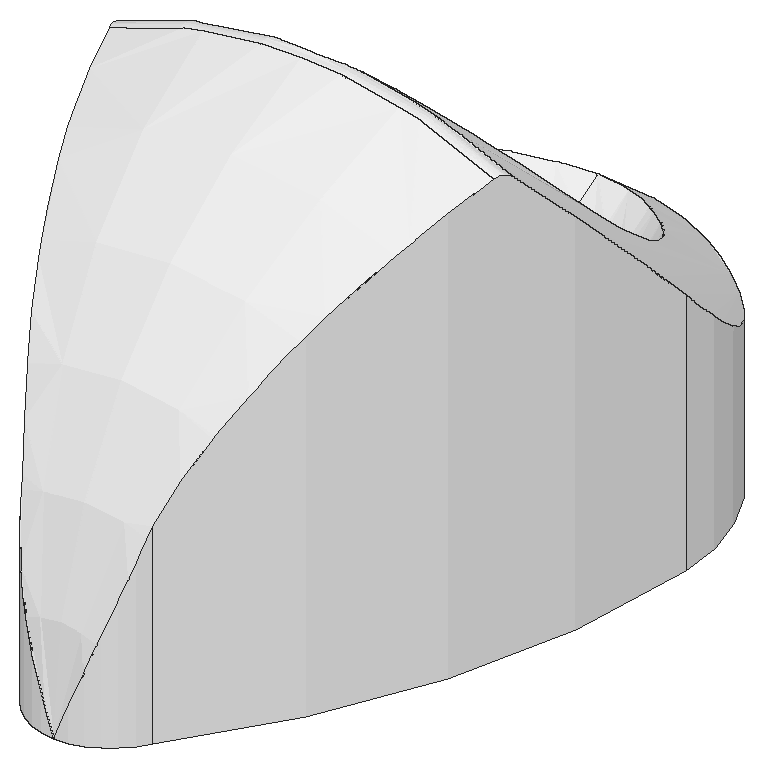
Revit family "Urinals-Commercial_UT104E_TOTO", category Plumbing Fixtures, host Face, Revit 2013
Parameters
  ecoScorecard_data = " "
  ecoScorecard Product Page = "  "
  Width = 1' - 1"
  Waste Connection NPT Radius = 0' - 1"
  Waste Connection = yes
  Warranty URL = "http://www.totousa.com/warranty-registration"
  Warranty = "One Year Limited Warranty"  # constant formula
  WFU = 0
  Vent Connection = yes
  URL = "http://www.totousa.com"
  Toto BIM Number = "BM-00026"  # constant formula
  Subcategory = "Urinals"  # constant formula
  Style = "Commercial"  # constant formula
  Spec Sheet URL = "http://assets.totousa.com/product-files/SS-00258_UT104E_UT104EV.pdf"
  Shipping Weight = 34.50 lbf
  Sanitary Connector = "Sanitary Connection"  # constant formula
  Product Page URL = " "
  Parts Manual URL = " "
  Mount Type = "Wall"  # constant formula
  Model = "UT104E"  # constant formula
  Material = "Vitreous China"  # constant formula
  Manufacturer Toll Free Phone = "1-888-295-8134"  # constant formula
  Manufacturer Phone = "(770) 282-8686"  # constant formula
  Manufacturer Fax = "(770) 282-0002"  # constant formula
  Manufacturer Email = "mailto:custservice@totousa.com "
  Manufacturer Address = "1155 Southern Road, Morrow, Georgia 30260"  # constant formula
  Manufacturer = "TOTO USA, Inc."  # constant formula
  Installation URL = " "
  Industry Standards = "Meets and exceeds ASME A112.19.2/CSA B45.1"  # constant formula
  Height = 1' - 9 3/4"
  HWFU = 0
  HW Connection = no
  Gallons Per Flush = 0.5 gal
  Flush Valve Model = Flush Valve Model : TEU1LN12
  Finish = Vitreous China - TOTO - 01 Cotton
  Description = "Commercial Washout High Efficiency Urinal, 0.5 GPF - ADA"  # constant formula
  Depth = 1' - 2"
  Default Elevation = 1' - 11.37402"
  Cost Info = "mailto:custservice@totousa.com "
  Color Availability = "#01 Cotton, #03 Bone, #12 Sedona Beige"  # constant formula
  Cold Water Connector = "Cold Water Connection"  # constant formula
  Cold Water Connection Radius = 0' - 0 1/4"
  Cold Water Connection NPT Radius = "3/8\""
  Cold Water Connection Diameter = Cold Water Connection Radius * 2  # 0' - 0 1/2"
  Code Compliance = "UPC, IPC, NSPC, NPC Canada, and others"  # constant formula
  Certifications = "IAPMO(cUPC), State of Massachusetts, City of Los Angeles"  # constant formula
  CWFU = 0
  CW Connection = yes
  CAD Drawing URL = "http://assets.totousa.com/product-files/AD-00273_UT104.dxf"
  Available in SanoGloss = no
  Assembly Code = "D2010210"
  ADA Compliant = yes
  95 CSI = "15410"  # constant formula
  04 CSI = "22 42 13"  # constant formula
Reference planes (in)
  plane 1 "Center (Front/Back)": y = 0
  plane 2: z = 0
  plane 3 "Center (Left/Right)": x = 0
  plane 4: z = 14
  plane 5: y = 10.875
  plane 6: x = -6.5
  plane 7: y = -10.875
  plane 8: x = 6.5
Dimensions and locks (in)
  equal spacing: plane 6, plane 3 "Center (Left/Right)", plane 8
  "Width": plane 6 to plane 8
  equal spacing: plane 5, plane 1 "Center (Front/Back)", plane 7
  "Height": plane 5 to plane 7
  "Depth": plane 4 to plane 2
  aligned and locked: plane 2 to host face
  aligned and locked: level to host face
  aligned and locked: nested 1 to plane 7
Automatic sketch dimensions
  host sketch curve to host sketch curve = 8' - 0"  (x2)
Nested families (in)
  nested 1: "UT104E" at (0, -1.66831, 0), type "UT104E"
Connectors (in)
  piping at (0, -6.25, -0.25), driven by "Waste Connection NPT Radius", driven by "Sanitary Connector", driven by "Waste Connection", driven by "Waste Connection", driven by "WFU"
    settings: on nested 1, index 1, connector radius 1", flow factor 0, pipe flow 0 GPM, pressure drop 0.00 psi, fitting loss kfactor 0, connector angle 0.00°, fixture units 0, engagement length 0' - 0", flow configuration 3, flow direction 1, fitting loss method 0, system type 16, joint type 0, gender type 0, connector reference index -1, connector utility 1, adjustable connector yes, is connector primary yes, fitting loss table "", connector description "Sanitary Connection"
  piping at (0, 11.16714, 3), driven by "Cold Water Connection Radius", driven by "CW Connection", driven by "Cold Water Connector", driven by "CWFU", driven by "CW Connection"
    settings: on nested 1, index 2, connector radius 1/4", flow factor 0, pipe flow 0 GPM, pressure drop 0.00 psi, fitting loss kfactor 0, connector angle 0.00°, fixture units 0, engagement length 0' - 0", flow configuration 3, flow direction 1, fitting loss method 0, system type 20, joint type 0, gender type 0, connector reference index -1, connector utility 1, adjustable connector yes, is connector primary no, fitting loss table "", connector description "Cold Water Connection"
Definition of nested family "UT104E"
  Parameters (values of type "UT104E")
    Width = 1' - 1"
    Waste Connection = yes
    WFU = 0
    Vent Connection = yes
    URL = ""
    Model = ""
    Material = Vitreous China - TOTO - 01 Cotton
    Manufacturer = ""
    Height = 1' - 9 3/4"
    HWFU = 0
    HW Connection = no
    Description = ""
    Depth = 1' - 2"
    Default Elevation = 1' - 11.37402"
    CWFU = 0
    CW Connection = yes
    Assembly Code = ""
  Reference planes (in)
    plane 1 "Center (Front/Back)": y = 0
    plane 2: z = 0
    plane 3 "Center (Left/Right)": x = 0
    plane 4: z = 3
    plane 5: y = 23.75
    plane 6: x = 4.75
    plane 7: x = 0
    plane 8: y = 12.25
    plane 9: y = -9.20669
    plane 10: z = 14
    plane 11: y = 11.20717
    plane 12: z = -4.48927
    plane 13: y = 1.09294
    plane 14: y = -7.29376
    plane 15: x = -4.9375
    plane 16: x = 4.9375
    plane 17: y = 20.25
    plane 18: y = 27.25
    plane 19: z = 5
    plane 20: y = -4.58169
    plane 21: x = -6.41732
    plane 22: x = 6.41732
  Forms (in)
    Extrusion 1, solid
      sketch origin (0, 0, 0) x (1, 0, 0) y (0, 1, 0)
        loop
          line (-48, 48) -> (-48, -48) -> (48, -48) -> (48, 48) -> (-48, 48)
      from 0 to -12
    Revolve 2, solid, material "Vitreous China - TOTO - 01 Cotton" <- "Material", detail levels fine
      sketch origin (0, 0, 0) x (0, 1, 0) y (0, 0, 1)
        loop
          line (12.25, 0) -> (12.25, 5) -> (0.39549, 13.904)
          arc (0.39549, 13.904) -> (0.15592, 13.99261) -> (-0.09635, 13.95246) r 0.50428
          arc (-0.09635, 13.95246) -> (-6.72743, 8.33171) -> (-9.20669, 0) r 15.23924
          line (-9.20669, 0) -> (12.25, 0)
        axis (12.25, 0) -> (-9.20669, 0)
      angle from -90 to 90
    Extrusion 3, void
      sketch origin (0, 0, 0) x (1, 0, 0) y (0, 1, 0)
        loop
          line (-14.53444, 15.91805) -> (-14.53444, -13.83195) -> (14.53444, -13.83195) -> (14.53444, 15.91805) -> (-14.53444, 15.91805)
        loop
          arc (-1.91247, -7.95783) -> (-0.00623, -9.20669) -> (1.90587, -7.96682) r 2.08677
          arc (1.90587, -7.96682) -> (5.2939, -1.34916) -> (6.41732, 6) r 23.2254
          arc (6.41732, 6) -> (4.50932, 10.45414) -> (0, 12.22781) r 6.28609
          arc (0, 12.22781) -> (-4.50932, 10.45414) -> (-6.41732, 6) r 6.28609
          arc (-6.41732, 6) -> (-5.29561, -1.34385) -> (-1.91247, -7.95783) r 23.2254
      from 0 to 15.97289
    Blend 4, void
      base sketch origin (0, -7.21633, 0.90684) x (1, 0, 0) y (0, 0.838671, -0.544639)
        loop
          spline (0, -0.09233) -> (1.27093, 0.07804) -> (2.45524, 0.57754) -> (3.47224, 1.37213) -> (4.25261, 2.40767) -> (4.74317, 3.61357) -> (4.91049, 4.90767) -> (4.74317, 6.20176) -> (4.25261, 7.40767) -> (3.47224, 8.4432) -> (2.45524, 9.23779) -> (1.27093, 9.7373) -> (0, 9.90767)
          spline (0, 9.90767) -> (-1.27093, 9.7373) -> (-2.45524, 9.23779) -> (-3.47224, 8.4432) -> (-4.25261, 7.40767) -> (-4.74317, 6.20176) -> (-4.91049, 4.90767) -> (-4.74317, 3.61357) -> (-4.25261, 2.40767) -> (-3.47224, 1.37213) -> (-2.45524, 0.57754) -> (-1.27093, 0.07804) -> (0, -0.09233)
      top sketch origin (0, -7.21633, 0.90684) x (1, 0, 0) y (0, 0.838671, -0.544639)
        loop
          spline (0, -1) -> (1.3588, -0.76148) -> (2.625, -0.06218) -> (3.71231, 1.05025) -> (4.54663, 2.5) -> (5.07111, 4.18827) -> (5.25, 6) -> (5.07111, 7.81173) -> (4.54663, 9.5) -> (3.71231, 10.94975) -> (2.625, 12.06218) -> (1.3588, 12.76148) -> (0, 13)
          spline (0, 13) -> (-1.3588, 12.76148) -> (-2.625, 12.06218) -> (-3.71231, 10.94975) -> (-4.54663, 9.5) -> (-5.07111, 7.81173) -> (-5.25, 6) -> (-5.07111, 4.18827) -> (-4.54663, 2.5) -> (-3.71231, 1.05025) -> (-2.625, -0.06218) -> (-1.3588, -0.76148) -> (0, -1)
      from 9.11665 to 15.76005
    Revolve 5, void
      sketch origin (0, 0.75, 0.25) x (0, 1, 0) y (0, 0, 1)
        loop
          line (10.28814, 2.43232) -> (-4.69233, 8.10846)
          arc (-4.69233, 8.10846) -> (-5.21935, 6.89138) -> (-5.45643, 5.58646) r 5.80608
          arc (-5.45643, 5.58646) -> (-5.41903, 5.23471) -> (-5.26574, 4.91593) r 1.03836
          arc (-5.26574, 4.91593) -> (1.99125, 0.41788) -> (10.28814, 2.43232) r 11.0533
        axis (10.28814, 2.43232) -> (-4.69233, 8.10846)
      angle from 0 to 360
    Revolve 6, solid, detail levels fine
      sketch origin (0, -20.28136, 3) x (0, 1, 0) y (-1, 0, 0)
        loop
          line (32.86681, -0.27618) -> (33.11681, -0.27618) -> (33.11681, 0) -> (32.53136, 0)
          arc (32.53136, 0) -> (32.52581, -0.26333) -> (32.50917, -0.52618) r 6.25
          line (32.50917, -0.52618) -> (32.86681, -0.52618) -> (32.86681, -0.27618)
        axis (32.50917, 0) -> (33.11681, 0)
      angle from 0 to 360
    Extrusion 7, solid, material "Vitreous China - TOTO - 01 Cotton" <- "Material", detail levels fine
      sketch origin (0, 2.375, 0) x (1, 0, 0) y (0, 1, 0)
        loop
          circle (0, -6.95669) r 1
      from 0 to -0.25
    Extrusion 8, solid, material "Vitreous China - TOTO - 01 Cotton" <- "Material", detail levels coarse+medium
      sketch origin (0, -20.28136, 3) x (0, 1, 0) y (-1, 0, 0)
        loop
          arc (26.28363, 6.66731) -> (18.36911, 5.36884) -> (11.35359, 1.48192) r 23.4754
          arc (11.35359, 1.48192) -> (10.9824, -0.84265) -> (12.82254, -2.31074) r 2.33677
          arc (12.82254, -2.31074) -> (19.39565, -5.58451) -> (26.65863, -6.66731) r 23.4754
          arc (26.65863, -6.66731) -> (32.87421, -1.96124) -> (30.16239, 5.34812) r 6.53609
          arc (30.16239, 5.34812) -> (28.32904, 6.31948) -> (26.28363, 6.66731) r 6.53609
      from -3 to 11
  Cuts and joins
    Extrusion 3, Blend 4, Revolve 5 cuts Revolve 2
  Lines and regions (in)
    symbolic lines, detail levels fine
      curve 1: arc (0, 12.22781, 3) -> (4.50932, 10.45414, 3) -> (6.41732, 6, 3) r 6.28609
      curve 2: arc (6.41732, 6, 3) -> (5.2939, -1.34916, 3) -> (1.90587, -7.96682, 3) r 23.2254
      curve 3: arc (1.90587, -7.96682, 3) -> (-0.00623, -9.20669, 3) -> (-1.91247, -7.95783, 3) r 2.08677
      curve 4: arc (-1.91247, -7.95783, 3) -> (-5.29561, -1.34385, 3) -> (-6.41732, 6, 3) r 23.2254
      curve 5: arc (-6.41732, 6, 3) -> (-4.50932, 10.45414, 3) -> (0, 12.22781, 3) r 6.28609
      curve 6: line (0.52618, 12.58544, 3) -> (-0.52618, 12.58544, 3)
      curve 7: line (0.27618, 12.83544, 3) -> (-0.27618, 12.83544, 3)
      curve 8: line (0.52618, 12.58544, 3) -> (0.52618, 12.21678, 3)
      curve 9: line (0.27618, 12.83544, 3) -> (0.27618, 12.58544, 3)
      curve 10: line (-0.27618, 12.83544, 3) -> (-0.27618, 12.58544, 3)
      curve 11: line (-0.52618, 12.58544, 3) -> (-0.52618, 12.21678, 3)
      curve 12: line (1.50393, 0.39549, 3) -> (0, 10.8833, 3)
      curve 13: line (0, 10.8833, 3) -> (-1.50393, 0.39549, 3)
      curve 14: line (-1.50393, 0.39549, 3) -> (0, 0.15742, 3)
      curve 15: line (0, 0.15742, 3) -> (1.50393, 0.39549, 3)
      curve 16: line (1.50393, 0.39549, 3) -> (5.78317, 0.39549, 3)
      curve 17: line (-5.78317, 0.39549, 3) -> (-1.50393, 0.39549, 3)
      curve 18: arc (0, 10.01245, 3) -> (1.3076, 9.68525, 3) -> (2.39876, 8.89389, 3) r 3.54761
      curve 19: arc (2.39876, 8.89389, 3) -> (3.3461, 7.72606, 3) -> (4.11949, 6.43643, 3) r 10.64923
      curve 20: arc (4.11949, 6.43643, 3) -> (4.67289, 5.00962, 3) -> (4.93317, 3.50153, 3) r 7.69961
      curve 21: arc (0, 10.01245, 3) -> (-1.3076, 9.68525, 3) -> (-2.39876, 8.89389, 3) r 3.54761
      curve 22: arc (-2.39876, 8.89389, 3) -> (-3.3461, 7.72606, 3) -> (-4.11949, 6.43643, 3) r 10.64923
      curve 23: arc (-4.11949, 6.43643, 3) -> (-4.67289, 5.00962, 3) -> (-4.93317, 3.50153, 3) r 7.69961
      curve 24: line (1.50393, 0, 13.82242) -> (0, 0, 6.02654)
      curve 25: line (0, 0, 13.99246) -> (1.50393, 0, 13.82242)
      curve 26: line (-1.50393, 0, 13.82242) -> (0, 0, 13.99246)
      curve 27: line (0, 0, 6.02654) -> (-1.50393, 0, 13.82242)
      curve 28: line (0, 0, 5.01667) -> (-6.41676, 0, 7.26618)
      curve 29: spline (-6.41676, 0, 7.26618) -> (-6.4174, 0, 7.72153) -> (-6.4083, 0, 8.17592) -> (-6.38947, 0, 8.62924) -> (-6.36091, 0, 9.08139) -> (-6.32262, 0, 9.53226) -> (-6.27462, 0, 9.98176) -> (-6.21692, 0, 10.42978) -> (-6.14952, 0, 10.87621) -> (-6.07246, 0, 11.32097) -> (-5.98573, 0, 11.76394) -> (-5.88937, 0, 12.20502) -> (-5.78339, 0, 12.64411)
      curve 30: line (5.78317, 0, 12.64421) -> (6.41732, 0, 7.26634)
      curve 31: line (6.41732, 0, 7.26634) -> (0, 0, 5.01667)
      curve 32: arc (1.50393, 0, 13.82242) -> (3.69087, 0, 13.40517) -> (5.78317, 0, 12.64421) r 13.904
      curve 33: arc (-5.78339, 0, 12.64411) -> (-3.69098, 0, 13.40514) -> (-1.50393, 0, 13.82242) r 13.904
      curve 34: arc (0, 0, 11.33634) -> (2.97397, 0, 10.29802) -> (4.79181, 0, 7.72545) r 5.16514
      curve 35: arc (0, 0, 11.33634) -> (-2.97397, 0, 10.29802) -> (-4.79181, 0, 7.72545) r 5.16514
      curve 36: arc (0.52618, 0, 3) -> (0, 0, 2.47382) -> (-0.52618, 0, 3) r 0.52618
      curve 37: arc (0.27618, 0, 3) -> (0, 0, 2.72382) -> (-0.27618, 0, 3) r 0.27618
      curve 38: arc (-0.52618, 0, 3) -> (0, 0, 3.52618) -> (0.52618, 0, 3) r 0.52618
      curve 39: arc (-0.27618, 0, 3) -> (0, 0, 3.27618) -> (0.27618, 0, 3) r 0.27618
      curve 40: line (-6.41827, 0, 0) -> (6.41827, 0, 0)
      curve 41: line (6.41827, 0, 0) -> (6.41827, 0, 7.25)
      curve 42: line (-6.41827, 0, 0) -> (-6.41827, 0, 7.25)
      curve 43: spline (0, -0.09529, 12.75379) -> (0, -0.05313, 12.76556) -> (0, -0.01012, 12.77351) -> (0, 0.03342, 12.77756) -> (0, 0.07714, 12.7777) -> (0, 0.12073, 12.77392) -> (0, 0.16386, 12.76625) -> (0, 0.20619, 12.75475) -> (0, 0.24741, 12.7395) -> (0, 0.2872, 12.72062) -> (0, 0.32527, 12.69825) -> (0, 0.36133, 12.67257) -> (0, 0.3951, 12.64376)
      curve 44: line (0, -0.09529, 12.75379) -> (0, -7.96365, 5.72596)
      curve 45: line (0, -9.20669, 0) -> (0, -7.96365, 5.72596)
      curve 46: line (0, 12.22781, 5.01667) -> (0, 12.22781, 0)
      curve 47: line (0, 12.22781, 0) -> (0, -9.20669, 0)
      curve 48: line (0, -5.58169, -0.25) -> (0, -5.58169, 0)
      curve 49: line (0, -5.58169, -0.25) -> (0, -3.58169, -0.25)
      curve 50: line (0, -3.58169, -0.25) -> (0, -3.58169, 0)
      curve 51: line (0, 0.39549, 12.64421) -> (0, 6, 7.26634)
      curve 52: line (0, 6, 7.26634) -> (0, 12.22781, 5.01667)
      curve 53: line (0, 0.39549, 13.82242) -> (0, 10.8833, 6.02654)
      curve 54: line (0, 10.8833, 6.02654) -> (0, 12.22781, 5.01667)
      curve 55: line (0, 0.39549, 13.82242) -> (0, 0.15742, 13.99246)
      curve 56: arc (0, 0.15742, 13.99246) -> (0, -0.04341, 13.97512) -> (0, -0.22601, 13.88972) r 0.57678
      curve 57: arc (0, -0.22601, 13.88972) -> (0, -1.34281, 13.32615) -> (0, -2.41256, 12.6777) r 16.12593
      curve 58: arc (0, -2.41256, 12.6777) -> (0, -3.78742, 11.65205) -> (0, -5.03623, 10.47618) r 15.00278
      curve 59: arc (0, -5.03623, 10.47618) -> (0, -6.59171, 8.5362) -> (0, -7.80773, 6.36726) r 15.10007
      curve 60: arc (0, -7.80773, 6.36726) -> (0, -8.768, 3.59955) -> (0, -9.19063, 0.70063) r 15.50799
      curve 61: line (0, 0.39549, 13.82242) -> (0, 0.39549, 12.64421)
      curve 62: line (0, 12.58544, 3.52618) -> (0, 12.22781, 3.52618)
      curve 63: line (0, 12.58544, 3.52618) -> (0, 12.58544, 2.47382)
      curve 64: line (0, 12.58544, 2.47382) -> (0, 12.22781, 2.47382)
      curve 65: line (0, 12.83544, 3.27618) -> (0, 12.58544, 3.27618)
      curve 66: line (0, 12.83544, 3.27618) -> (0, 12.83544, 2.72382)
      curve 67: line (0, 12.83544, 2.72382) -> (0, 12.58544, 2.72382)
      curve 68: line (0, -7.96365, 5.72596) -> (0, -7.96365, 0)
    symbolic lines, detail levels coarse+medium
      curve 69: arc (6.66731, 6.37726, 3) -> (1.96124, 12.59285, 3) -> (-5.34812, 9.88102, 3) r 6.53609
      curve 70: arc (-5.34812, 9.88102, 3) -> (-6.31948, 8.04768, 3) -> (-6.66731, 6.00226, 3) r 6.53609
      curve 71: arc (-6.66731, 6.00226, 3) -> (-5.36884, -1.91226, 3) -> (-1.48192, -8.92777, 3) r 23.4754
      curve 72: arc (-1.48192, -8.92777, 3) -> (0.84265, -9.29896, 3) -> (2.31074, -7.45882, 3) r 2.33677
      curve 73: arc (2.31074, -7.45882, 3) -> (5.58451, -0.88571, 3) -> (6.66731, 6.37726, 3) r 23.4754
      curve 74: line (0, 12.85419, 14) -> (0, -9.45669, 14)
      curve 75: line (0, 12.85419, -0.25) -> (0, 12.85419, 14)
      curve 76: line (0, -9.45669, -0.25) -> (0, 12.85419, -0.25)
      curve 77: line (0, -9.45669, 14) -> (0, -9.45669, -0.25)
      curve 78: line (-6.66827, 0, 14) -> (6.66827, 0, 14)
      curve 79: line (-6.66827, 0, 0) -> (-6.66827, 0, 14)
      curve 80: line (6.66827, 0, 0) -> (-6.66827, 0, 0)
      curve 81: line (6.66827, 0, 14) -> (6.66827, 0, 0)
  Dimensions and locks (in)
    locked: plane 3 "Center (Left/Right)" to plane 6 at 4.75
    plane 4 to level = 0' - 3"
    locked: plane 6 to plane 3 "Center (Left/Right)" at 4.75
    Blend 4 sketch curve to Blend 4 sketch curve = 0' - 5 1/4"  (x2)
    Blend 4 sketch curve to Blend 4 sketch curve = 0' - 7"
    locked: plane 12 to cut or joined group of Revolve 2, Extrusion 3, Blend 4, Revolve 5 at 4.48927
    locked: Blend 4 sketch curve to Blend 4 sketch curve at 5
    locked: Blend 4 sketch curve to Blend 4 sketch curve at 4.91049
    locked: Extrusion 3 to plane 3 "Center (Left/Right)" at 14.53444
    locked: plane 14 to Blend 4 sketch curve at 4.19335
    locked: Revolve 2 sketch curve to plane 9 at 0
    locked: plane 15 to plane 16 at 9.875
    locked: plane 5 to plane 8 at 11.5
    locked: plane 10 to plane 2 at 14
    locked: Revolve 6 sketch curve to plane 17 at 7.66456  (x2)
    locked: plane 11 to Revolve 5 sketch curve at 0.16903
    Revolve 5 sketch curve to plane 2 = 0' - 5.83646"
    locked: Blend 4 sketch curve to plane 12 at 2.7232
    locked: plane 3 "Center (Left/Right)" to Blend 4 sketch curve at 0  (x2)
    locked: plane 4 to Blend 4 sketch curve at 5.361
    locked: plane 1 "Center (Front/Back)" to plane 18 at 27.25
    locked: plane 1 "Center (Front/Back)" to plane 17 at 20.25
    locked: plane 10 to plane 19 at 9
    Extrusion 7 to Extrusion 7 = 0' - 0 1/4"
    locked: plane 20 to Extrusion 7 sketch curve at 0
    locked: plane 3 "Center (Left/Right)" to Extrusion 7 sketch curve at 0
    plane 9 to plane 20 = 0' - 4 5/8"
    locked: plane 21 to plane 22 at 12.83465
    equal spacing: plane 21, plane 3 "Center (Left/Right)", plane 22
    locked: plane 8 to plane 9 at 21.45669
    locked: plane 8 to Extrusion 3 sketch curve at 0.02219
    locked: Extrusion 3 sketch curve to plane 22 at 0
    locked: Extrusion 3 sketch curve to plane 16 at 3.03163
    locked: plane 15 to Extrusion 3 sketch curve at 3.02503
    locked: Extrusion 3 sketch curve to plane 21 at 0
    locked: Extrusion 3 sketch curve to plane 21 at 8.11712
    locked: Extrusion 3 sketch curve to plane 17 at 4.33195
    locked: plane 16 to Extrusion 3 sketch curve at 9.59694
    locked: plane 9 to Extrusion 3 sketch curve at 4.62526
    locked: Extrusion 3 sketch curve to plane 9 at 1.23987
    locked: Extrusion 3 sketch curve to plane 9 at 1.24886
    locked: Extrusion 7 sketch curve to Extrusion 7 sketch curve (radius 0' - 1")
    locked: Revolve 2 to Revolve 2 (angle 180.00°)
    aligned and locked: plane 2 to Extrusion 1
    aligned and locked: level to Extrusion 1
    aligned and locked: Revolve 6 sketch curve to plane 3 "Center (Left/Right)"
    aligned and locked: Revolve 2 sketch curve to plane 8
    aligned and locked: Extrusion 7 to Extrusion 1
    aligned and locked: Revolve 2 sketch curve to plane 2
    aligned and locked: Revolve 2 sketch curve to Revolve 2 sketch curve
  Automatic sketch dimensions
    Extrusion 1 sketch curve to Extrusion 1 sketch curve = 8' - 0"  (x2)
    plane 19 to Revolve 2 sketch curve = 0' - 0"
    Revolve 2 sketch curve to Revolve 2 sketch curve = 0' - 5 3/4"
    plane 1 "Center (Front/Back)" to Revolve 2 sketch curve = 0' - 0.09635"
    Revolve 2 sketch curve to Revolve 2 sketch curve = 0' - 0"
    Revolve 2 sketch curve to plane 1 "Center (Front/Back)" = 0' - 0.10647"
    Revolve 2 sketch curve to plane 10 = 0' - 0.096"
    Revolve 2 sketch curve to plane 1 "Center (Front/Back)" = 0' - 0.39549"
    plane 5 to Revolve 2 sketch curve = 0' - 1 1/2"
    Revolve 5 sketch curve to plane 19 = 0' - 0.16593"
    Revolve 5 sketch curve to Revolve 5 sketch curve = 0' - 0"  (x2)
    Revolve 5 sketch curve to Revolve 5 sketch curve = 0' - 0.19069"
    Revolve 5 sketch curve to Revolve 5 sketch curve = 0' - 1.03615"
    plane 1 "Center (Front/Back)" to Revolve 5 sketch curve = 0' - 0.65815"
    Revolve 5 sketch curve to plane 19 = 0' - 0.45787"
    Revolve 5 sketch curve to plane 10 = 0' - 2.4171"
    plane 4 to Revolve 5 sketch curve = 0' - 0.65944"
    plane 11 to Revolve 5 sketch curve = 0' - 2.74786"
    Revolve 5 sketch curve to plane 19 = 0' - 2.11408"
    Revolve 5 sketch curve to Revolve 5 sketch curve = 0' - 3.01212"
    Revolve 5 sketch curve to Revolve 5 sketch curve = 0' - 0.27205"
    Extrusion 3 sketch curve to plane 21 = 0' - 0"
    Extrusion 3 sketch curve to plane 3 "Center (Left/Right)" = 0' - 0"
    Extrusion 3 sketch curve to plane 22 = 0' - 0"
    Extrusion 3 sketch curve to Extrusion 3 sketch curve = 0' - 2.27268"  (x2)
    Extrusion 3 sketch curve to plane 3 "Center (Left/Right)" = 0' - 0.13149"
    Extrusion 3 sketch curve to plane 3 "Center (Left/Right)" = 0' - 0.00132"
    plane 3 "Center (Left/Right)" to Extrusion 3 sketch curve = 0' - 0.13149"
    Revolve 6 sketch curve to plane 3 "Center (Left/Right)" = 0' - 0"
    Revolve 6 sketch curve to plane 8 = 0' - 0"
    Revolve 6 sketch curve to plane 8 = 0' - 0.02219"
    plane 11 to Revolve 6 sketch curve = 0' - 3.45717"
    Revolve 6 sketch curve to Revolve 6 sketch curve = 0' - 1 3/4"
    Revolve 6 sketch curve to plane 1 "Center (Front/Back)" = 0' - 1 3/4"
    Revolve 6 sketch curve to Revolve 6 sketch curve = 0' - 0 1/4"
    Revolve 6 sketch curve to Revolve 6 sketch curve = 0' - 0.27618"
    curve 14 to plane 3 "Center (Left/Right)" = 0' - 0"
    curve 2 to plane 22 = 0' - 0"
    curve 4 to plane 21 = 0' - 0"
    curve 5 to plane 21 = 0' - 0"
    curve 1 to plane 22 = 0' - 0"
    curve 18 to plane 3 "Center (Left/Right)" = 0' - 0"
    curve 13 to plane 3 "Center (Left/Right)" = 0' - 0"
    curve 1 to plane 3 "Center (Left/Right)" = 0' - 0"
    plane 9 to curve 3 = 0' - 1.23987"
    plane 9 to curve 3 = 0' - 1.24886"
    curve 3 to plane 3 "Center (Left/Right)" = 0' - 0.00132"
    plane 9 to curve 3 = 0' - 2.08677"
    curve 14 to plane 1 "Center (Front/Back)" = 0' - 0.15742"
    curve 17 to plane 1 "Center (Front/Back)" = 0' - 0.39549"
    curve 15 to plane 1 "Center (Front/Back)" = 0' - 0.39549"
    plane 16 to curve 22 = 0' - 0.43974"
    curve 16 to curve 22 = 0' - 1.22242"
    plane 15 to curve 19 = 0' - 0.43974"
    curve 17 to curve 19 = 0' - 1.22242"
    curve 20 to plane 15 = 0' - 2.19066"
    curve 13 to curve 20 = 0' - 2.55705"
    plane 6 to curve 23 = 0' - 2.00316"
    curve 12 to curve 23 = 0' - 2.55705"
    curve 20 to plane 16 = 0' - 0.00433"
    curve 22 to curve 20 = 0' - 1.88362"
    curve 23 to plane 15 = 0' - 0.00433"
    curve 19 to curve 23 = 0' - 1.88362"
    plane 11 to curve 2 = 0' - 5.41743"
    plane 11 to curve 4 = 0' - 5.41743"
    curve 5 to plane 3 "Center (Left/Right)" = 0' - 0.13149"
    curve 20 to curve 5 = 0' - 2.99055"
    plane 3 "Center (Left/Right)" to curve 1 = 0' - 0.13149"
    curve 2 to curve 20 = 0' - 0.43643"
    curve 22 to curve 23 = 0' - 0"
    curve 19 to curve 20 = 0' - 0"
    plane 3 "Center (Left/Right)" to curve 21 = 0' - 0.19169"
    curve 1 to curve 21 = 0' - 0.52692"
    curve 18 to plane 3 "Center (Left/Right)" = 0' - 0.19169"
    curve 18 to curve 21 = 0' - 0"
    curve 18 to curve 19 = 0' - 0"
    plane 11 to curve 13 = 0' - 0.32387"
    curve 8 to plane 8 = 0' - 0.03322"
    curve 11 to plane 8 = 0' - 0.03322"
    plane 8 to curve 8 = 0' - 0.33544"
    curve 10 to curve 7 = 0' - 0 1/4"
    plane 3 "Center (Left/Right)" to curve 15 = 0' - 1.50393"
    plane 3 "Center (Left/Right)" to curve 7 = 0' - 0.27618"
    curve 7 to plane 3 "Center (Left/Right)" = 0' - 0.27618"
    curve 14 to plane 3 "Center (Left/Right)" = 0' - 1.50393"
    Extrusion 8 sketch curve to plane 3 "Center (Left/Right)" = 0' - 5.34812"
    plane 9 to Extrusion 8 sketch curve = 0' - 0.27892"
    plane 9 to Extrusion 8 sketch curve = 0' - 1.74787"
    Extrusion 8 sketch curve to plane 3 "Center (Left/Right)" = 0' - 0.00132"
    plane 9 to Extrusion 8 sketch curve = 0' - 2.08677"
    plane 11 to Extrusion 8 sketch curve = 0' - 5.41743"
    Extrusion 8 sketch curve to plane 3 "Center (Left/Right)" = 0' - 0.13149"
    plane 3 "Center (Left/Right)" to Extrusion 8 sketch curve = 0' - 0.13149"
    Extrusion 8 sketch curve to Extrusion 8 sketch curve = 0' - 0 3/8"
    Extrusion 8 sketch curve to plane 22 = 0' - 0 1/4"
    plane 11 to Extrusion 8 sketch curve = 0' - 4.8299"
    Extrusion 8 sketch curve to plane 21 = 0' - 0 1/4"
    Extrusion 8 sketch curve to Extrusion 8 sketch curve = 0' - 0"
    Extrusion 8 sketch curve to Extrusion 8 sketch curve = 0' - 3.87876"
    plane 18 to Extrusion 8 sketch curve = 1' - 8.87274"
    curve 3 to curve 72 = 0' - 0"  (x2)
    curve 4 to curve 71 = 0' - 0"  (x2)
    curve 5 to curve 70 = 0' - 0"  (x2)
    plane 9 to curve 71 = 0' - 0.27892"
    curve 3 to curve 73 = 0' - 0.508"
    curve 70 to plane 21 = 0' - 0 1/4"
    curve 71 to curve 70 = 0' - 0"
    curve 2 to curve 73 = 0' - 0 3/8"
    curve 69 to curve 21 = 0' - 0.15192"
    curve 73 to plane 22 = 0' - 0 1/4"
    curve 1 to curve 73 = 0' - 0.37726"
    curve 69 to curve 73 = 0' - 0"
    curve 77 to plane 10 = 0' - 0"
    curve 76 to level = 0' - 0 1/4"
    curve 45 to level = 0' - 0"
    curve 45 to plane 9 = 0' - 0"
    curve 77 to curve 45 = 0' - 0 1/4"
    plane 9 to curve 60 = 0' - 0.01606"
    plane 9 to curve 68 = 0' - 1.24304"
    curve 44 to curve 60 = 0' - 0.15592"
    curve 59 to curve 60 = 0' - 0"
    curve 49 to level = 0' - 0 1/4"
    plane 20 to curve 49 = 0' - 1"
    plane 20 to curve 59 = 0' - 0.45454"
    curve 58 to curve 59 = 0' - 0"
    curve 50 to plane 20 = 0' - 1"
    curve 58 to plane 10 = 0' - 1.3223"
    plane 1 "Center (Front/Back)" to curve 58 = 0' - 2.41256"
    curve 57 to curve 58 = 0' - 0"
    curve 57 to plane 10 = 0' - 0.11028"
    plane 1 "Center (Front/Back)" to curve 57 = 0' - 0.22601"
    plane 1 "Center (Front/Back)" to curve 44 = 0' - 0.09529"
    curve 43 to plane 1 "Center (Front/Back)" = 0' - 0.02338"
    curve 43 to plane 1 "Center (Front/Back)" = 0' - 0.05899"
    curve 56 to plane 1 "Center (Front/Back)" = 0' - 0.10587"
    curve 55 to plane 10 = 0' - 0.00754"
    curve 55 to plane 1 "Center (Front/Back)" = 0' - 0.15742"
    curve 43 to curve 43 = 0' - 0.37172"
    curve 43 to curve 61 = 0' - 0.0004"
    level to curve 58 = 0' - 0.15925"
    curve 58 to plane 1 "Center (Front/Back)" = 0' - 5.85618"
    level to curve 59 = 0' - 0.09235"
    curve 52 to plane 19 = 0' - 2.26634"
    plane 11 to curve 52 = 0' - 5.20717"
    curve 60 to level = 0' - 0.07716"
    plane 11 to curve 54 = 0' - 0.32387"
    curve 62 to plane 8 = 0' - 0.02219"
    plane 8 to curve 63 = 0' - 0.33544"
    curve 65 to curve 65 = 0' - 0 1/4"
    plane 8 to curve 76 = 0' - 0.60419"
    curve 64 to plane 4 = 0' - 0.52618"
    curve 67 to plane 4 = 0' - 0.27618"
    plane 4 to curve 65 = 0' - 0.27618"
    curve 65 to curve 62 = 0' - 0 1/4"
    curve 46 to plane 19 = 0' - 0.01667"
    curve 45 to curve 59 = 0' - 0.6413"
    curve 54 to plane 19 = 0' - 1.02654"
    curve 43 to curve 56 = 0' - 1.15875"
    curve 43 to curve 43 = 0' - 0.13322"
    curve 43 to curve 61 = 0' - 0.00045"
    curve 53 to plane 10 = 0' - 0.17758"
    curve 32 to curve 33 = 0' - 0"  (x2)
    curve 36 to curve 37 = 0' - 0"  (x2)
    curve 36 to curve 38 = 0' - 0"  (x2)
    curve 36 to curve 39 = 0' - 0"  (x2)
    curve 37 to curve 38 = 0' - 0"  (x2)
    curve 37 to curve 39 = 0' - 0"  (x2)
    curve 38 to curve 39 = 0' - 0"  (x2)
    curve 80 to level = 0' - 0"
    curve 79 to plane 10 = 0' - 0"
    curve 40 to level = 0' - 0"
    curve 38 to plane 4 = 0' - 0"
    curve 33 to level = 0' - 0"
    curve 33 to plane 3 "Center (Left/Right)" = 0' - 0"
    curve 26 to plane 3 "Center (Left/Right)" = 0' - 0"
    curve 31 to plane 3 "Center (Left/Right)" = 0' - 0"
    curve 39 to plane 3 "Center (Left/Right)" = 0' - 0"
    curve 34 to plane 3 "Center (Left/Right)" = 0' - 0"
    curve 24 to plane 3 "Center (Left/Right)" = 0' - 0"
    plane 22 to curve 31 = 0' - 0"
    curve 34 to plane 3 "Center (Left/Right)" = 0' - 0.13449"
    curve 37 to plane 3 "Center (Left/Right)" = 0' - 0.27618"
    curve 36 to curve 37 = 0' - 0 1/4"
    curve 27 to plane 10 = 0' - 0.17758"
    curve 27 to plane 3 "Center (Left/Right)" = 0' - 1.50393"
    curve 35 to plane 15 = 0' - 0.14569"
    plane 21 to curve 29 = 0' - 0.63393"
    plane 21 to curve 29 = 0' - 0.34719"
    plane 21 to curve 29 = 0' - 0.00056"
    curve 42 to plane 21 = 0' - 0.00095"
    curve 78 to plane 21 = 0' - 0.25095"
    plane 3 "Center (Left/Right)" to curve 35 = 0' - 0.13449"
    curve 25 to plane 10 = 0' - 0.17758"
    plane 3 "Center (Left/Right)" to curve 25 = 0' - 1.50393"
    curve 34 to plane 6 = 0' - 0.04181"
    plane 22 to curve 30 = 0' - 0.63416"
    curve 40 to plane 22 = 0' - 0.00095"
    curve 78 to plane 22 = 0' - 0.25095"
    plane 4 to curve 29 = 0' - 0.49397"
    curve 80 to curve 29 = 2' - 5.60364"
    curve 31 to plane 19 = 0' - 0.01667"
    curve 28 to curve 24 = 0' - 1.00987"
    curve 24 to curve 34 = 0' - 0.14642"
    curve 24 to curve 35 = 0' - 0.14642"
    curve 42 to curve 28 = 0' - 0.01618"
    curve 41 to plane 19 = 0' - 2 1/4"
    curve 41 to curve 31 = 0' - 0.01634"
    curve 29 to curve 35 = 0' - 0.45928"
    curve 26 to plane 10 = 0' - 0.00754"
